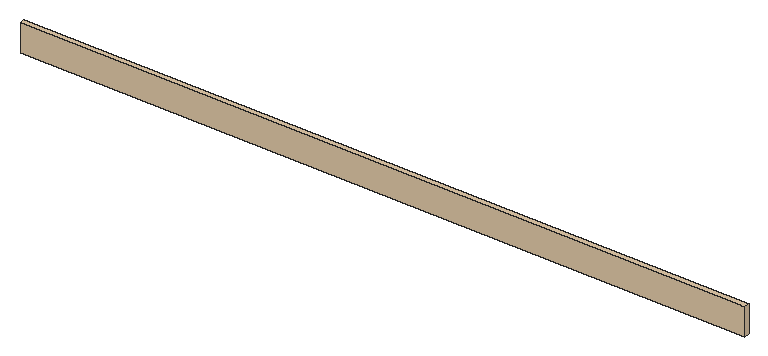
Revit family "Supports-Teknion-CEATF-Toe_Kick_Front-R2023", category Furniture, Revit 2023
Family settings
  OmniClass Number = 23.40.20.00
  OmniClass Title = General Furniture and Specialties
  Work Plane-Based = No
  Enable Cutting in Views = No
  Always vertical = Yes
  Cut with Voids When Loaded = No
  Render Appearance Source = Family Geometry
  Shared = Yes
  Room Calculation Point = No
Parameters (values of type "Toe Kick – Front")
  Width [instance] = 107.000"
  Warranty = "http://www.teknion.com/ca/papers/legal-canada"
  Unit Weight URL = "http://www.teknion.com/ca/tools/assets#&asset=bee6a381-b954-425e-8283-5a2de3a804f2,f828d448-4b62-4231-9e5f-9a8991c0ed77"
  URL = "www.teknion.com"
  To render please download texture images found here [instance] = "https://assets.teknion.com/web/5e81352c1dfdb467/revit-material-swatches/"
  Sustainability Data = "https://www.teknion.com/ca/tools/assets#&topic=216f99a5-57a0-44fc-b10a-9dee9b29ae4c&asset=444deb64-fe58-4b68-981e-f75e97781df7,b4ff2d81-9f2e-437d-9659-7cffb09c31cf"
  Series = "Casework+"  # constant formula
  Product Page URL = "https://www.teknion.com/ca//products/product-details?productLineId=30ca1270-8e7a-673b-a6c8-ff05004460c4"
  Product Line = "Finishing Components"  # constant formula
  Product Documentation Link = "http://www.teknion.com/pricingguides/Casework/pdfs/CEATF_ppg.pdf"
  Part Number = "CEATF"  # constant formula
  Model = "CEATF04____"  # constant formula
  Manufacturer Phone = "416-661-3370"  # constant formula
  Manufacturer Fax = "416.661.4586"  # constant formula
  Manufacturer Contact Information = "http://www.teknion.com/ca/contactus"
  Manufacturer Address = "1150 Flint Road, Toronto, ON. M3J 2J5. Canada"  # constant formula
  Manufacturer = "Teknion"  # constant formula
  How To Use Teknion Materials User Guide [instance] = "https://assets.teknion.com/m/205dd0a49fa58060/original/How-to-add-a-Material-Library-and-Texture-Images-to-your-Revit-project.pdf"
  For Additional Finishes please visit [instance] = "https://assets.teknion.com/m/44a8009b046e5d47/original/Teknion_Materials_Library.zip"
  Toe kick Finish [instance] = Foundation Laminate - Teknion - 2L - Costal Elm
  Description = "Toe Kick – Front"  # constant formula
  Default Elevation = 0.000"
  Available Width [instance] = "Available From 11 - 107 Inches In 1 Inch Incraments"  # constant formula
  Assembly Code = "E2020200"
Reference planes (in)
  plane 1 "Center Front/Back": y = -1.89698
  plane 2: z = 0
  plane 3 "Center Left/Right": x = 0.01246
  plane 4 "Left": x = -53.48754
  plane 5 "Right": x = 53.51246
  plane 6 "Back": y = -1.54698
  plane 7 "Front": y = -2.24698
  plane 8 "Top": z = 3.937
Forms (in)
  Sweep 1, solid, material "Foundation Laminate - Teknion - 2L - Costal Elm" <- "Toe kick Finish"
    path origin (0, 0, 0) x (1, 0, 0) y (0, 1, 0)
      loop
        line (53.51246, -1.89698) -> (-53.48754, -1.89698)
    profile origin (0.01246, -1.89698, 0) x (0, -1, 0) y (0, 0, 1)
      loop
        line (-0.35, 3.937) -> (-0.35, 0) -> (0.35, 0) -> (0.35, 3.937) -> (-0.35, 3.937)
Lines and regions (in)
  Masking region 1
    outline origin (0, 0, 0) x (1, 0, 0) y (0, 1, 0)
      loop
        line (-53.48754, -1.54698) -> (-53.48754, -2.24698) -> (53.51246, -2.24698) -> (53.51246, -1.54698) -> (-53.48754, -1.54698)
  reference lines
    curve 1: line (53.51246, -1.54698, 0) -> (53.51246, -2.24698, 0)
    curve 2: line (-53.48754, -1.54698, 0) -> (53.51246, -1.54698, 0)
    curve 3: line (-53.48754, -1.54698, 0) -> (-53.48754, -2.24698, 0)
    curve 4: line (-53.48754, -2.24698, 0) -> (53.51246, -2.24698, 0)
Dimensions and locks (in)
  "Width": plane 4 "Left" to plane 5 "Right"
  plane 6 "Back" to plane 7 "Front" = 0.700"
  plane 8 "Top" to level = 3.937"
  equal spacing: plane 4 "Left", plane 3 "Center Left/Right", plane 5 "Right"
  equal spacing: plane 6 "Back", plane 1 "Center Front/Back", plane 7 "Front"
  locked: Sweep 1 sketch curve to plane 2
  locked: nested 1 to plane 7 "Front" at 4
  locked: nested 2 to plane 7 "Front" at 4
  locked: nested 3 to plane 7 "Front" at 4
  locked: nested 3 to plane 4 "Left" at 1
  locked: nested 4 to plane 7 "Front" at 4
  locked: plane 5 "Right" to nested 4 at 1
  aligned and locked: level to plane 2
  aligned and locked: Masking region 1 sketch curve to plane 4 "Left"
  aligned and locked: Masking region 1 sketch curve to plane 6 "Back"
  aligned and locked: plane 5 "Right" to Masking region 1 sketch curve
  aligned and locked: Masking region 1 sketch curve to plane 7 "Front"
  aligned and locked: plane 5 "Right" to curve 1
  aligned and locked: curve 2 to plane 6 "Back"
  aligned and locked: curve 3 to plane 4 "Left"
  aligned and locked: curve 4 to plane 7 "Front"
  aligned and locked: Sweep 1 sketch curve to plane 1 "Center Front/Back"
  aligned and locked: plane 5 "Right" to Sweep 1 sketch curve
  aligned and locked: plane 4 "Left" to Sweep 1 sketch curve
  aligned and locked: plane 8 "Top" to Sweep 1 sketch curve
  aligned and locked: plane 7 "Front" to Sweep 1 sketch curve
  aligned and locked: plane 6 "Back" to Sweep 1 sketch curve
  aligned and locked: nested 1 to plane 4 "Left"
  aligned and locked: nested 2 to plane 5 "Right"
Nested families (in)
  nested 1: "Teknion_2D_Node_Family-R2021" at (-53.48754, -6.24698, 0), type "Teknion_2D_Node_Family-R2021"
  nested 2: "Teknion_2D_Node_Family-R2021" at (53.51246, -6.24698, 0), type "Teknion_2D_Node_Family-R2021"
  nested 3: "Teknion_2D_Node_Family-R2021" at (-54.48754, -6.24698, 0), type "Teknion_2D_Node_Family-R2021"
  nested 4: "Teknion_2D_Node_Family-R2021" at (54.51246, -6.24698, 0), type "Teknion_2D_Node_Family-R2021"
Definition of nested family "Teknion_2D_Node_Family-R2021"
  Reference planes (in)
    plane 1 "Center (Front/Back)": y = 0
    plane 2: z = 0
    plane 3 "Center (Left/Right)": x = 0
  Lines and regions (in)
    detail lines, in view "Ref. Level"
      curve 1: circle (0, 0, 0) r 1.25 normal (0, 0, 1)
      curve 2: line (1.91508, -1.91508, 0) -> (-1.91508, 1.91508, 0)
      curve 3: line (-1.91508, -1.91508, 0) -> (1.91508, 1.91508, 0)
